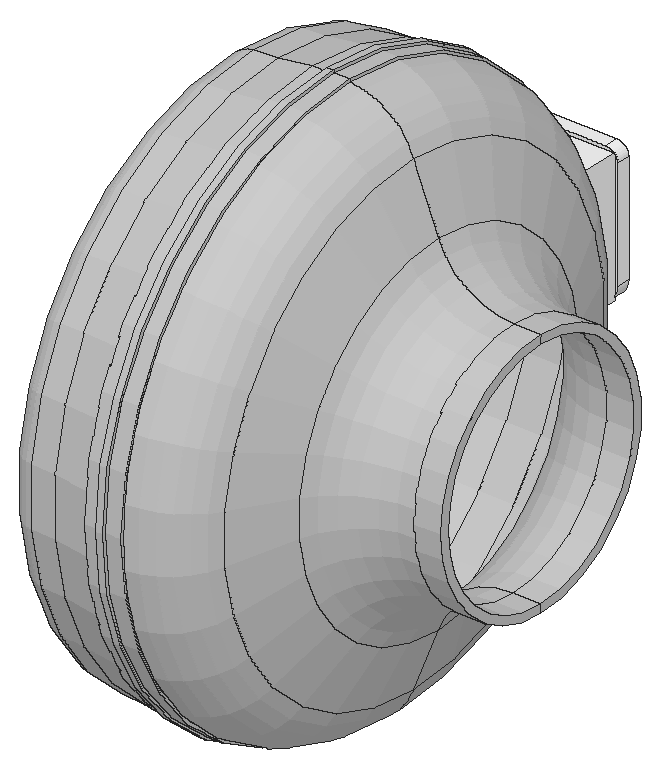
Revit family "CK 150 C AC_7000045", category Mechanical Equipment, Revit 2014
Parameters (values of type "CK 150 C AC")
  Wiring diagram = "4040001"
  Weight = 4.00 kg
  Voltage range = "220-240 / 50/60 V/Hz"
  Voltage = 230 V
  Speed = "2480 rpm"
  Sound pressure level at 3 m = "49 dB(A)"
  Power = 101 W
  Phase = 1
  Max. temperature of transported air when speed controlled = 65 °C
  Max. temperature of transported air = 65 °C
  Main Material = Steel, Galvanized
  Frequency = 50 Hz
  Elevation [instance] = 2772.5 mm
  Diameter = 149 mm
  Current = 0.44 A
  Capacitor = "3 μF"
Reference planes
  plane 1 "Center (Front/Back)": y = 0
  plane 2: z = 0
  plane 3 "Center (Left/Right)": x = 0
  plane 4: z = 2772.5
Dimensions and locks
  "Elevation": plane 4 to plane 2
  aligned and locked: level to plane 2
  aligned and locked: plane 3 "Center (Left/Right)" to nested 1
  aligned and locked: plane 1 "Center (Front/Back)" to nested 1
  aligned and locked: plane 1 "Center (Front/Back)" to nested 2
  aligned and locked: plane 3 "Center (Left/Right)" to nested 2
Nested families
  nested 1: "CK 150 C AC_geometry" at (0, 0, 2600), type "CK 150 C AC_geometry"
  nested 2: "Flow direction symbol" at (0, 0, 0), type "Flow direction symbol"
Connectors
  hvac at (-114, 0, 2772.5), driven by "Diameter"
    settings: on nested 1, index 1, duct flow 0.0 L/s, flow factor 0, pres drop 0.0 Pa, loss coef 0, conn angle 0.00°, conn width 304.8 mm, conn height 304.8 mm, conn diameter 149 mm, duct sys type 1, conn prof type 0, flow config 0, flow direction 1, loss method 0, conn ref index -1, conn util no, is conn primary yes, conn desc ""
  hvac at (114, 0, 2772.5), driven by "Diameter"
    settings: on nested 1, index 2, duct flow 0.0 L/s, flow factor 0, pres drop 0.0 Pa, loss coef 0, conn angle 0.00°, conn width 304.8 mm, conn height 304.8 mm, conn diameter 149 mm, duct sys type 3, conn prof type 0, flow config 0, flow direction 2, loss method 0, conn ref index -1, conn util no, is conn primary no, conn desc ""
  electrical at (-51.002, 213.31, 2773.134), driven by "Phase", driven by "Voltage"
    settings: on nested 1, index 3, voltage 230 V, apparent load 0 VA, apparent load phase1 0 VA, apparent load phase2 0 VA, apparent load phase3 0 VA, power factor 1, load classification "Other", number of poles 1, system type 31, power factor state 1, is connector primary yes, connector utility no, sub classification motor no, connector description ""
Definition of nested family "CK 150 C AC_geometry"
  Parameters (values of type "CK 150 C AC_geometry")
    Main Material = Steel, Galvanized
  Reference planes
    plane 1 "Center (Front/Back)": y = 0
    plane 2: z = 0
    plane 3 "Center (Left/Right)": x = 0
    plane 4: z = 172.5
    plane 5: y = 176.31
    plane 6: y = 172.5
    plane 7: y = -172.5
    plane 8: x = -114
    plane 9: x = 114
    plane 10: z = 345
  Forms (mm)
    Revolve 1, solid, material "Steel, Galvanized" <- "Main Material", detail levels medium+fine
      sketch origin (0, 0, 0) x (1, 0, 0) y (0, 0, 1)
        loop
          line (-114, 172.5) -> (-114, 98) -> (-91.654, 98)
          arc (-91.654, 98) -> (-90.316, 97.446) -> (-89.762, 96.108) r 1.892
          line (-89.762, 96.108) -> (-73.771, 20.879)
          arc (-73.771, 20.879) -> (-67.968, 10.726) -> (-57.346, 5.833) r 19.175
          line (-57.346, 5.833) -> (-42.997, 5.081)
          arc (-42.997, 5.081) -> (-32.473, 4.054) -> (-22.083, 2.087) r 117.777
          line (-22.083, 2.087) -> (-13.827, 2.087) -> (-13.827, 0) -> (-9.631, 0) -> (-9.631, 1.468) -> (0, 1.468) -> (0, 2.827)
          arc (0, 2.827) -> (23.202, 11.142) -> (38.28, 30.64) r 43.952
          line (38.28, 30.64) -> (52.897, 67.873)
          arc (52.897, 67.873) -> (70.568, 89.903) -> (97.623, 98) r 47.479
          line (97.623, 98) -> (114, 98) -> (114, 172.5) -> (-114, 172.5)
        axis (-114, 172.5) -> (114, 172.5)
      angle from 0 to 360
    Extrusion 2, solid, material "Plastic", detail levels medium+fine
      sketch origin (-7.5, 53.648, 50.625) x (1, 0, 0) y (0, 0, 1)
        loop
          line (-4.004, 163.259) -> (-83, 163.259)
          arc (-83, 163.259) -> (-87.95, 161.209) -> (-90, 156.259) r 7
          line (-90, 156.259) -> (-90, 90.259)
          arc (-90, 90.259) -> (-87.071, 83.188) -> (-80, 80.259) r 10
          line (-80, 80.259) -> (-7.004, 80.259)
          arc (-7.004, 80.259) -> (0.067, 83.188) -> (2.996, 90.259) r 10
          line (2.996, 90.259) -> (2.996, 156.259)
          arc (2.996, 156.259) -> (0.945, 161.209) -> (-4.004, 163.259) r 7
      from -159.662 to -151.628
    Extrusion 3, solid, material "Plastic", detail levels medium+fine
      sketch origin (-7.5, 53.648, 50.625) x (0, 1, 0) y (0, 0, 1)
        loop
          line (118.852, 161.259) -> (118.852, 81.741) -> (151.628, 81.741) -> (151.628, 161.259) -> (118.852, 161.259)
      from -88 to 1
    Revolve 4, solid, material "Steel, Galvanized" <- "Main Material", detail levels coarse
      sketch origin (0, 0, 0) x (1, 0, 0) y (0, 0, 1)
        loop
          line (-114, 172.5) -> (-114, 98) -> (-91.654, 98) -> (-74.187, 22.342)
          arc (-74.187, 22.342) -> (-70.472, 14.111) -> (-63.882, 7.937) r 23.064
          arc (-63.882, 7.937) -> (-60.744, 6.484) -> (-57.346, 5.833) r 14.199
          line (-57.346, 5.833) -> (-33.397, 3.315)
          arc (-33.397, 3.315) -> (-30.166, 2.9) -> (-26.957, 2.335) r 70.376
          arc (-26.957, 2.335) -> (-13.557, 0.051) -> (0, 1.048) r 56.25
          arc (0, 1.048) -> (19.892, 9.011) -> (35.522, 23.669) r 57.855
          line (35.522, 23.669) -> (53.44, 70.348)
          arc (53.44, 70.348) -> (70.911, 91.557) -> (97.623, 98) r 43.346
          line (97.623, 98) -> (114, 98) -> (114, 172.5) -> (-114, 172.5)
        axis (114, 172.5) -> (-114, 172.5)
      angle from 0 to 360
    Revolve 5, void
      sketch origin (0, 0, 0) x (1, 0, 0) y (0, 0, 1)
        loop
          line (-114, 172.5) -> (-114, 103) -> (-91.654, 103)
          arc (-91.654, 103) -> (-87.03, 101.218) -> (-84.796, 96.795) r 6.892
          line (-84.796, 96.795) -> (-68.881, 21.918)
          arc (-68.881, 21.918) -> (-64.649, 14.468) -> (-56.898, 10.816) r 14.175
          line (-56.898, 10.816) -> (-42.735, 10.074)
          arc (-42.735, 10.074) -> (-32.056, 9.045) -> (-21.507, 7.087) r 122.777
          line (-21.507, 7.087) -> (-0.299, 7.818)
          arc (-0.299, 7.818) -> (20.263, 15.187) -> (33.626, 32.467) r 38.952
          line (33.626, 32.467) -> (48.243, 69.7)
          arc (48.243, 69.7) -> (67.763, 94.042) -> (97.65, 103) r 52.479
          line (97.65, 103) -> (114, 103) -> (114, 172.5) -> (-114, 172.5)
        axis (-114, 172.5) -> (114, 172.5)
      angle from 0 to 360
  Cuts and joins
    Revolve 5 cuts Revolve 1
  Dimensions and locks
    plane 10 to level = 345 mm
    aligned and locked: level to plane 2
Definition of nested family "Flow direction symbol"
  Parameters (values of type "Flow direction symbol")
    Warning = "!"
    Text = "DIMENSIONS OVERCONSTRAINT"
  Reference planes
    plane 1: y = 0
    plane 2: x = 0
  Lines and regions (mm)
    detail lines
      curve 1: line (-0.506, 0.877, 0) -> (-0.506, -0.877, 0)
      curve 2: line (1.012, 0, 0) -> (-0.506, -0.877, 0)
      curve 3: line (-0.506, 0.877, 0) -> (1.012, 0, 0)
      curve 4: circle (0, 0, 0) r 1 normal (0, 0, 1)
